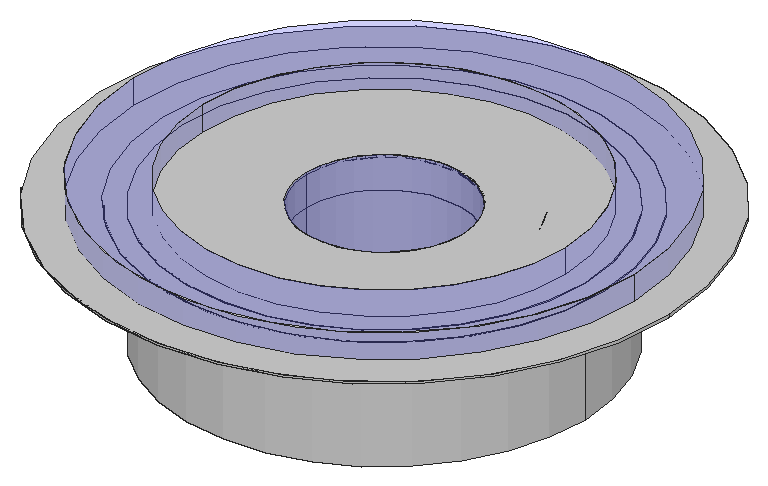
Revit family "55944_HOST_FACE", category Lighting Fixtures, host Face, Revit 2020
Family settings
  Host = Face
  Round Connector Dimension = Use Diameter
  Part Type = Normal
  Cut with Voids When Loaded = Yes
  Light Source = Yes
  Shared = No
  Room Calculation Point = No
Parameters (values of type "LED semi-recessed - Symmetrical")
  Wattage = 9.28357 W
  built-in parameter 1150110 = 1 (stored number, unit not read)
  URL = "www.bega-us.com"
  built-in parameter 1114217 = 1 (stored number, unit not read)
  Tilt Angle = 180.00°
  built-in parameter 1150109 = 1 (stored number, unit not read)
  built-in parameter 1150134 = 12
  Telephone = "805.684.0533"
  built-in parameter 1150113 = 1 (stored number, unit not read)
  Photometric Web File = "55944K4.ies"
  Model = "55 944"
  Manufacturer = "BEGA-US"
  built-in parameter 1150105 = 1379 (stored number, unit not read)
  Lumens = 1379 lm
  built-in parameter 1150115 = 1 (stored number, unit not read)
  built-in parameter 1150137 = (empty or 0)
  built-in parameter 1150139 = (empty or 0)
  built-in parameter 1150112 = 1 (stored number, unit not read)
  built-in parameter 1150114 = 1 (stored number, unit not read)
  Lamp = "8.4W LED"
  built-in parameter 1150132 = 2
  built-in parameter 1150102 = (empty or 0)
  built-in parameter 1150107 = 4000 (stored number, unit not read)
  built-in parameter 1150138 = (empty or 0)
  built-in parameter 1150106 = 13.79 (stored number, unit not read)
  built-in parameter 1150104 = 13.8 (stored number, unit not read)
  Dimming Lamp Color Temperature Shift = <None>
  Description = "LED semi-recessed - Symmetrical"
  Default Elevation = 6' - 0"
  Color Filter = 16777215
  built-in parameter 1114218 = 1 (stored number, unit not read)
  built-in parameter 1150133 = 10 (stored number, unit not read)
Types (5): name | Wattage | Tilt Angle | built-in parameter 1150134 | Photometric Web File | Model | built-in parameter 1150105 | Lumens | Lamp | built-in parameter 1150107 | built-in parameter 1150106 | Description
  (no name) | 9.28357 W | 180.00° | 12 | "55944K4.ies" | "55 944" | 1379 (stored number, unit not read) | 1379 lm | "8.4W LED" | 4000 (stored number, unit not read) | 13.79 (stored number, unit not read) | "LED semi-recessed - Symmetrical"
  Wall Luminaires - Directed Light | 18.4392 W | 90.00° | (empty or 0) | "generic" | "2260LED" | 217.96 (stored number, unit not read) | 2739 lm | "44.6W LED" | 3000 (stored number, unit not read) | 2.1796 (stored number, unit not read) | "Surface wall with cutoff optics"
  Wall Luminaires - Linear | 9.92985 W | 90.00° | 9 | "generic" | "4425P" | 117.38 (stored number, unit not read) | 1475 lm | "(1) 39W CF twin-4-p" | 3450 (stored number, unit not read) | 1.1738 (stored number, unit not read) | "Suface wall - linear with white acrylic diffuser"
  Ceiling and Wall Luminaires - Unshielded | 9.28357 W | 180.00° | 12 | "55944K4.ies" | "55 944" | 1379 (stored number, unit not read) | 1379 lm | "8.4W LED" | 4000 (stored number, unit not read) | 13.79 (stored number, unit not read) | "LED ceiling and wall luminaires - impact resistant"
  LED semi-recessed - Symmetrical | 9.28357 W | 180.00° | 12 | "55944K4.ies" | "55 944" | 1379 (stored number, unit not read) | 1379 lm | "8.4W LED" | 4000 (stored number, unit not read) | 13.79 (stored number, unit not read) | "LED semi-recessed - Symmetrical"
Reference planes (in)
  plane 1 "Center (Front/Back)": y = 0
  plane 2: z = 0
  plane 3 "Center (Left/Right)": x = 0
Dimensions and locks (in)
  aligned and locked: plane 2 to host face
  aligned and locked: level to host face
Nested families (in)
  nested 1: "55944" at (-0.07604, -0.00275, 0), type "55944"
Connectors (in)
  electrical at (0, 0, 0)
    settings: on host face, index 1, voltage 0 V, apparent load 0 VA, apparent load phase1 0 VA, apparent load phase2 0 VA, apparent load phase3 0 VA, power factor 1, load classification "Other", number of poles 1, system type 31, power factor state 1, is connector primary yes, connector utility no, sub classification motor no, connector description ""
Definition of nested family "55944"
  Parameters
    Default Elevation = 0' - 0"
  Reference planes (in)
    plane 1 "Center (Front/Back)": y = 0
    plane 2: z = 0
    plane 3 "Center (Left/Right)": x = 0
  Forms (in)
    Extrusion 1, solid
      sketch origin (0.09401, 0.00108, 0.74419) x (1, 0, 0) y (0, -1, 0.000742)
        loop
          circle (0, 0) r 7.25
      from 0.70256 to 0.65226
    Extrusion 2, solid
      sketch origin (0.09401, 0.00108, 0.74419) x (1, 0, 0) y (0, -1, 0.000742)
        loop
          circle (0, 0) r 3.25
      from 3.7781 to 0.70256
    Extrusion 3, solid
      sketch origin (0.09401, 0.00108, 0.74419) x (1, 0, 0) y (0, -1, 0.000742)
        loop
          circle (0, 0) r 5.125
      from 3.7781 to 0.65226
    Extrusion 4, void
      sketch origin (0.09401, 0.00108, 0.74419) x (1, 0, 0) y (0, -1, 0.000742)
        loop
          circle (0, 0) r 2
      from 3.39469 to 0.65226
    Extrusion 5, solid
      sketch origin (0.09401, 0.00108, 0.74419) x (1, 0, 0) y (0, -1, 0.000742)
        loop
          circle (0, 0) r 6.375
        loop
          circle (0, 0) r 4.625
      from 0.65226 to 0.0281
    Extrusion 6, solid
      sketch origin (0.09401, 0.00108, 0.74419) x (1, 0, 0) y (0, -1, 0.000742)
        loop
          circle (0, 0) r 5.625
        loop
          circle (0, 0) r 2
      from 1.4534 to 0.65226
    Extrusion 7, solid
      sketch origin (0.09401, 0.00108, 0.74419) x (1, 0, 0) y (0, -1, 0.000742)
        loop
          circle (0, 0) r 2
      from 0.70256 to 0.65226
  Cuts and joins
    Extrusion 4 cuts Extrusion 1
    Extrusion 4 cuts Extrusion 2
    Extrusion 4 cuts Extrusion 3
  Dimensions and locks (in)
    aligned and locked: plane 2 to level
